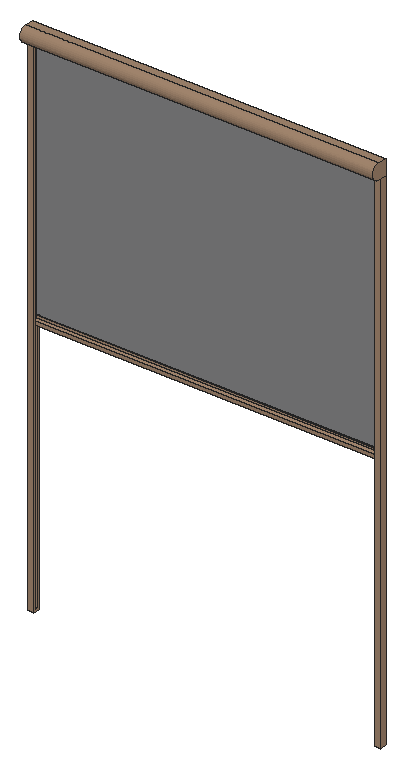
Revit family "Screen_Window_SereneSeries_PhantomScreens", category Windows, host Wall, Revit 2016
Family settings
  Host = Wall
  OmniClass Number = 23.30.60.21
  OmniClass Title = Insect Screens
  Always vertical = Yes
  Cut with Voids When Loaded = No
  Shared = No
  Room Calculation Point = No
Parameters (values of type "Type as Specified")
  URL = "http://www.phantomscreens.com/"
  Track Depth = 0' - 0 57/64"
  Specification = "http://www.phantomscreens.com/architects-designers/specifications-binder/"
  Slide Bar Height = 0' - 1 13/32"
  Slide Bar Depth = 0' - 0 23/32"
  Screen Thickness = 0' - 0 1/32"
  Screen = Suntex 80 - Charcoal
  Sales Information = "http://www.phantomscreens.com/support/"
  Revision = "R1_08-2016"
  Product Properties = "http://www.phantomscreens.com/drive/uploads/2015/05/technical_specs_serene.pdf"
  Product Data = "http://www.arcat.com/arcatcos/cos9540/arc40535.html"
  Percent Open [instance] = 50
  Model = "Serene Series"
  Manufacturer Website = "http://www.phantomscreens.com/"
  Manufacturer Phone - Toll Free = ""
  Manufacturer Phone = "604-855-3654"
  Manufacturer Fax = "604-855-7834"
  Manufacturer Address = "30451 Simpson Rd.; Abbotsford; BC; Canada V2T 6C7"
  Manufacturer = "Phantom Screens"
  Keynote = "08 11 00"
  Installation-Fabrication = "http://www.phantomscreens.com/architects-designers/options/"
  Housing Depth = 0' - 2 19/64"
  Housing Height = 0' - 2 7/64"
  Height [instance] = 6' - 0"
  Drawn By = "Sumex Design - Robert S Weygant"
  Description = "Phantom Screens Serene Series Screen"
  Default Sill Height = 3' - 0"
  Wall Closure = By host
  Width [instance] = 4' - 0"
  Copyright = "� 2016 ARCAT Inc."
  Construction Details = "http://www.arcat.com/details/phantoms/95prod3446.html"
  Assembly Code = "B2020400"
  Amount Open [instance] = Height * (Percent Open / 100)  # 3' - 0"
  Aluminum Track = Dark Acacia
  Aluminum Slide Bar = Dark Acacia
  Aluminum Housing = Dark Acacia
Reference planes (in)
  plane 1 "Center (Front/Back)": y = 0
  plane 2: z = 0
  plane 3 "Center (Left/Right)": x = 0
  plane 4 "Left": x = -24
  plane 5 "Right": x = 24
  plane 6 "Sill": z = 36
  plane 7 "Top": z = 108
  plane 8: z = 110.10938
  plane 9: x = 24.89062
  plane 10: x = -24.89062
  plane 11: y = -3
  plane 12: y = -5.29688
  plane 13: y = -3.71875
  plane 14: y = -3.89062
  plane 15: z = 72
  plane 16: z = 73.40625
  plane 17: y = -3.35938
  plane 18: y = -3.39062
Forms (in)
  Extrusion 1, solid, material "Dark Acacia" <- "Aluminum Track"
    sketch origin (0, 0, 0) x (1, 0, 0) y (0, 0, 1)
      loop
        line (24.89062, 108) -> (24, 108) -> (24, 36) -> (24.89062, 36) -> (24.89062, 108)
    from 3 to 3.89062
  Extrusion 2, solid, material "Dark Acacia" <- "Aluminum Track"
    sketch origin (0, 0, 0) x (-1, 0, 0) y (0, 0, -1)
      loop
        line (24.89062, -108) -> (24.89062, -36) -> (24, -36) -> (24, -108) -> (24.89062, -108)
    from 3 to 3.89062
  Extrusion 3, solid, material "Dark Acacia" <- "Aluminum Slide Bar"
    sketch origin (0, 0, 0) x (0, 1, 0) y (0, 0, 1)
      loop
        line (-3, 73.40625) -> (-3.44467, 73.40625) -> (-3.44467, 73.37363) -> (-3.42188, 73.35084) -> (-3.42188, 73.02273) -> (-3.71875, 72.72586) -> (-3.71875, 72.22976) -> (-3.39063, 72) -> (-3, 72) -> (-3, 73.40625)
    from -24 to 24
  Extrusion 4, solid, material "Suntex 80 - Charcoal" <- "Screen"
    sketch origin (0, 0, 0) x (0, 1, 0) y (0, 0, 1)
      loop
        line (-3.35938, 73.40625) -> (-3.35938, 108) -> (-3.39062, 108) -> (-3.39062, 73.40625) -> (-3.35938, 73.40625)
    from -24 to 24
  Extrusion 5, solid, material "Dark Acacia" <- "Aluminum Housing"
    sketch origin (0, 0, 0) x (0, 1, 0) y (0, 0, 1)
      loop
        line (-3, 110.10938) -> (-4.23437, 110.10938)
        arc (-4.23437, 110.10938) -> (-5.28906, 109.05469) -> (-4.23437, 108) r 1.05469
        line (-4.23437, 108) -> (-3, 108) -> (-3, 110.10938)
    from -24.89062 to 24.89063
  Extrusion 6, void
    sketch origin (0, 0, 36) x (0, -1, 0) y (1, 0, 0)
      loop
        line (3.16233, -24) -> (3.16233, -24.76557) -> (3.71875, -24.76557) -> (3.71875, -24) -> (3.16233, -24)
      loop
        line (3.16233, 24) -> (3.71875, 24) -> (3.71875, 24.76557) -> (3.16233, 24.76557) -> (3.16233, 24)
    from 0.26418 to 72
Cuts and joins
  Extrusion 6 cuts Extrusion 1
  Extrusion 6 cuts Extrusion 2
Text (in)
  text "EXTERIOR" at (-69.21001, -25.56818, 0), in view "Ref. Level"
  text "INTERIOR" at (-66.85452, 30.38598, 0), in view "Ref. Level"
  text "Exterior" at (0, 43.65631, 123.19604), in view "Left"
  text "Exterior" at (0, 18.29385, 125.04747), in view "Right"
Dimensions and locks (in)
  equal spacing: plane 4 "Left", plane 3 "Center (Left/Right)", plane 5 "Right"
  "Width": plane 4 "Left" to plane 5 "Right"
  "Height": plane 6 "Sill" to plane 7 "Top"
  "Default Sill Height": plane 2 to plane 6 "Sill"
  "Housing Height": plane 7 "Top" to plane 8
  "Slide Bar Depth": plane 11 to plane 13
  "Housing Depth": plane 11 to plane 12
  "Track Depth": plane 11 to plane 14
  "Screen Thickness": plane 17 to plane 18
  "Slide Bar Height": plane 15 to plane 16
  "Track Depth": plane 5 "Right" to plane 9
  "Track Depth": plane 10 to plane 4 "Left"
  "Amount Open": plane 15 to plane 6 "Sill"
  aligned and locked: level to plane 2
  aligned and locked: Extrusion 1 to plane 11
  aligned and locked: Extrusion 2 to plane 4 "Left"
  aligned and locked: plane 10 to Extrusion 2  (x2)
  aligned and locked: plane 16 to Extrusion 3 sketch curve
  aligned and locked: Extrusion 3 sketch curve to plane 11
  aligned and locked: Extrusion 3 sketch curve to plane 15
  aligned and locked: plane 13 to Extrusion 3 sketch curve
  aligned and locked: Extrusion 3 to Extrusion 4 sketch curve
  aligned and locked: Extrusion 4 sketch curve to plane 17
  aligned and locked: plane 7 "Top" to Extrusion 4 sketch curve
  aligned and locked: plane 18 to Extrusion 4 sketch curve
  aligned and locked: Extrusion 3 to plane 5 "Right"
  aligned and locked: Extrusion 4 to plane 5 "Right"
  aligned and locked: plane 5 "Right" to Extrusion 3  (x2)
  aligned and locked: Extrusion 1 to plane 9  (x2)
  aligned and locked: plane 4 "Left" to Extrusion 3
  aligned and locked: plane 16 to Extrusion 3  (x2)
  aligned and locked: Extrusion 3 to plane 15  (x2)
  aligned and locked: Extrusion 4 to plane 7 "Top"
  aligned and locked: plane 5 "Right" to Extrusion 1
  aligned and locked: plane 14 to Extrusion 2
  aligned and locked: Extrusion 4 to plane 18
  aligned and locked: plane 17 to Extrusion 4
  aligned and locked: Extrusion 2 to plane 11
  aligned and locked: Extrusion 2 to plane 14
  aligned and locked: Extrusion 4 to plane 16
  aligned and locked: plane 13 to Extrusion 3
  aligned and locked: Extrusion 3 to plane 11
  aligned and locked: plane 4 "Left" to Extrusion 4
  aligned and locked: plane 8 to Extrusion 5 sketch curve
  aligned and locked: plane 7 "Top" to Extrusion 5 sketch curve
  aligned and locked: plane 13 to Extrusion 6 sketch curve
  aligned and locked: Extrusion 6 sketch curve to plane 5 "Right"
  aligned and locked: Extrusion 5 to plane 9
  aligned and locked: plane 10 to Extrusion 5
  aligned and locked: plane 8 to Extrusion 5
  aligned and locked: plane 7 "Top" to Extrusion 5
  aligned and locked: Extrusion 6 to plane 7 "Top"
  aligned and locked: plane 14 to Extrusion 1
  aligned and locked: Extrusion 6 sketch curve to plane 13
Automatic sketch dimensions
  plane 4 "Left" to Extrusion 2 sketch curve = 0' - 0"
  Extrusion 2 sketch curve to plane 6 "Sill" = 0' - 0"
  plane 10 to Extrusion 2 sketch curve = 0' - 0"
  Extrusion 2 sketch curve to plane 7 "Top" = 0' - 0"
  plane 5 "Right" to Extrusion 1 sketch curve = 0' - 0"
  Extrusion 1 sketch curve to plane 6 "Sill" = 0' - 0"
  plane 9 to Extrusion 1 sketch curve = 0' - 0"
  Extrusion 1 sketch curve to plane 7 "Top" = 0' - 0"
  plane 14 to Extrusion 5 sketch curve = 0' - 0 11/32"
  Extrusion 5 sketch curve to host wall = 0' - 0"
  Extrusion 3 sketch curve to plane 18 = 0' - 0"
  Extrusion 3 sketch curve to plane 18 = 0' - 0 1/32"
  Extrusion 3 sketch curve to plane 16 = 0' - 0.38352"
  Extrusion 3 sketch curve to plane 16 = 0' - 0.05541"
  Extrusion 3 sketch curve to plane 18 = 0' - 0.05405"
  Extrusion 3 sketch curve to Extrusion 3 sketch curve = 0' - 0.22976"
  Extrusion 3 sketch curve to Extrusion 3 sketch curve = 0' - 0 19/64"
  Extrusion 3 sketch curve to plane 16 = 0' - 0.03262"
  Extrusion 6 sketch curve to plane 4 "Left" = 0' - 0"
  host wall to Extrusion 6 sketch curve = 0' - 0.16233"  (x2)
  Extrusion 6 sketch curve to plane 10 = 0' - 0.12505"
  plane 9 to Extrusion 6 sketch curve = 0' - 0.12505"
